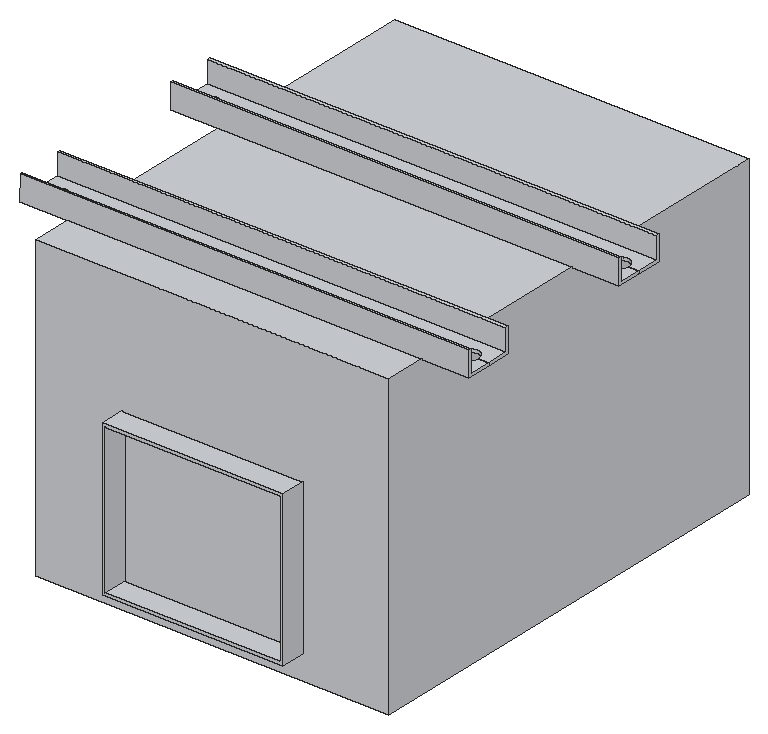
Revit family "DB", category Mechanical Equipment, Revit 2019
Family settings
  Round Connector Dimension = Use Diameter
  Part Type = Normal
  Work Plane-Based = No
  Always vertical = Yes
  Cut with Voids When Loaded = No
  Shared = No
  Room Calculation Point = No
Parameters (values of type "DB-8")
  ZERO = 0' - 0"  # constant formula
  Voltage [instance] = 0 V
  Unit Weight [instance] = ""
  URL = "www.lorencook.com"
  Type Comments = "Duct Blower Internal Belt Drive"  # constant formula
  T_SQ_HALF = T_SQ / 2  # 0' - 6"
  T_SQ = 1' - 0"
  Static Pressure [instance] = 0.00 in-wg
  Sones [instance] = ""
  Power [instance] = Voltage * Motor FLA * sqrt(if(Phase = 3, 3, 1))  # 0 VA
  Phase [instance] = 0
  Number of Poles [instance] = 1
  Motor RPM [instance] = ""
  Motor Hp [instance] = "0"
  Motor FLA [instance] = 0 A
  Motor Enclosure [instance] = ""
  ModelID [instance] = ""
  Model = "DB"  # constant formula
  Manufacturer = "Loren Cook Company"
  M/2 = M / 2  # 0' - 8 1/16"
  M = 1' - 4 1/8"
  LwA [instance] = ""
  L = 1' - 1 7/16"
  K/2 = K / 2  # 0' - 11 1/2"
  K = 1' - 11"
  H = 0' - 3 5/16"
  G = 0' - 9 5/8"
  Fan RPM [instance] = ""
  F/2 = F / 2  # 0' - 10 1/2"
  F = 1' - 9"
  E/2 = E / 2  # 0' - 4 5/8"
  E = 0' - 9 1/4"
  D = 0' - 7 7/8"
  C = 1' - 11"
  CFM [instance] = 0 CFM
  C/2 = C / 2  # 0' - 11 1/2"
  Brake Hp [instance] = ""
  B/2 = B / 2  # 0' - 7 23/32"
  B = 1' - 3 7/16"
  Accessories [instance] = ""
  A = 1' - 6 1/8"
  A/2 = A / 2  # 0' - 9 1/16"
  1.25 = 0' - 1 1/4"  # constant formula
  0 = 0' - 0"  # constant formula
  ONE EIGTH = 0' - 0 1/8"  # constant formula
  -K/2 = -(K / 2)  # -0' - 11 1/2"
  (B-L)/2 = (B - L) / 2  # 0' - 1"
Types (7): name | M/2 | M | L | K/2 | K | H | G | F/2 | F | E/2 | E | D | C | C/2 | B/2 | B | A | A/2 | -K/2
  (no name) | 0' - 8 1/16" | 1' - 4 1/8" | 1' - 1 7/16" | 0' - 11 1/2" | 1' - 11" | 0' - 3 5/16" | 0' - 9 5/8" | 0' - 10 1/2" | 1' - 9" | 0' - 4 5/8" | 0' - 9 1/4" | 0' - 7 7/8" | 1' - 11" | 0' - 11 1/2" | 0' - 7 23/32" | 1' - 3 7/16" | 1' - 6 1/8" | 0' - 9 1/16" | -0' - 11 1/2"
  DB-8 | 0' - 8 1/16" | 1' - 4 1/8" | 1' - 1 7/16" | 0' - 11 1/2" | 1' - 11" | 0' - 3 5/16" | 0' - 9 5/8" | 0' - 10 1/2" | 1' - 9" | 0' - 4 5/8" | 0' - 9 1/4" | 0' - 7 7/8" | 1' - 11" | 0' - 11 1/2" | 0' - 7 23/32" | 1' - 3 7/16" | 1' - 6 1/8" | 0' - 9 1/16" | -0' - 11 1/2"
  DB-9 | 0' - 9 9/16" | 1' - 7 1/8" | 1' - 4 1/8" | 1' - 1" | 2' - 2" | 0' - 3 11/16" | 0' - 11 3/4" | 1' - 0" | 2' - 0" | 0' - 5 15/16" | 0' - 11 7/8" | 0' - 10 5/16" | 2' - 1 3/4" | 1' - 0 7/8" | 0' - 9 1/16" | 1' - 6 1/8" | 1' - 9 1/8" | 0' - 10 9/16" | -1' - 1"
  DB-10 | 0' - 10 3/16" | 1' - 8 3/8" | 1' - 6 1/8" | 1' - 2" | 2' - 4" | 0' - 3 11/16" | 1' - 1 3/8" | 1' - 1" | 2' - 2" | 0' - 6 9/16" | 1' - 1 1/8" | 0' - 11 3/8" | 2' - 4 1/4" | 1' - 2 1/8" | 0' - 10 1/16" | 1' - 8 1/8" | 1' - 10 3/8" | 0' - 11 3/16" | -1' - 2"
  DB-13 | 1' - 0 9/16" | 2' - 1 1/8" | 1' - 9 3/16" | 1' - 4" | 2' - 8" | 0' - 3 11/16" | 1' - 4 1/8" | 1' - 3" | 2' - 6" | 0' - 7 13/16" | 1' - 3 5/8" | 1' - 1 7/16" | 2' - 7 1/4" | 1' - 3 5/8" | 0' - 11 19/32" | 1' - 11 3/16" | 2' - 3 1/8" | 1' - 1 9/16" | -1' - 4"
  DB-15 | 1' - 3 1/4" | 2' - 6 1/2" | 2' - 0 15/16" | 1' - 7" | 3' - 2" | 0' - 3 11/16" | 1' - 7 1/2" | 1' - 6" | 3' - 0" | 0' - 9 5/16" | 1' - 6 5/8" | 1' - 3 7/8" | 3' - 0 1/4" | 1' - 6 1/8" | 1' - 1 15/32" | 2' - 2 15/16" | 2' - 8 1/2" | 1' - 4 1/4" | -1' - 7"
  DB-18 | 1' - 7 1/2" | 3' - 3" | 2' - 5 7/8" | 1' - 11" | 3' - 10" | 0' - 3 7/8" | 2' - 0" | 1' - 10" | 3' - 8" | 0' - 10 15/16" | 1' - 9 7/8" | 1' - 6 7/8" | 3' - 8 3/4" | 1' - 10 3/8" | 1' - 3 15/16" | 2' - 7 7/8" | 3' - 5" | 1' - 8 1/2" | -1' - 11"
Reference planes (in)
  plane 1 "Center (Front/Back)": y = 0
  plane 2: z = 0
  plane 3 "Center (Left/Right)": x = 0.40541
Forms (in)
  Extrusion 1, solid
    sketch origin (0, 0, 0) x (1, 0, 0) y (0, 1, 0)
      loop
        line (9.46791, 11.5) -> (-8.65709, 11.5) -> (-8.65709, -11.5) -> (9.46791, -11.5) -> (9.46791, 11.5)
    from 15.4375 <- "B" to 0
  Extrusion 2, solid
    sketch origin (-8.65709, -11.5, 0) x (1, 0, 0) y (0, 0, 1)
      loop
        line (4.4375, 9.125) -> (4.4375, 1.25) -> (13.6875, 1.25) -> (13.6875, 9.125) -> (4.4375, 9.125)
    from 1.25 to 0
  Extrusion 3, void
    sketch origin (-8.65709, -11.5, 0) x (-1, 0, 0) y (0, 0, 1)
      loop
        line (-4.5625, 9) -> (-13.5625, 9) -> (-13.5625, 1.375) -> (-4.5625, 1.375) -> (-4.5625, 9)
    from -1.25 to 0
  Extrusion 4, solid
    sketch origin (9.46791, 11.5, 0) x (-1, 0, 0) y (0, 0, 1)
      loop
        line (1, 14.4375) -> (1, 1) -> (17.125, 1) -> (17.125, 14.4375) -> (1, 14.4375)
    from 1.25 to 0
  Extrusion 5, void
    sketch origin (9.46791, 11.5, 0) x (1, 0, 0) y (0, 0, 1)
      loop
        line (-1.125, 14.3125) -> (-17, 14.3125) -> (-17, 1.125) -> (-1.125, 1.125) -> (-1.125, 14.3125)
    from -1.25 to 0
  Extrusion 6, solid
    sketch origin (0.40541, 0, 0) x (0, 1, 0) y (0, 0, 1)
      loop
        line (-9.4375, 16.6875) -> (-9.4375, 15.4375) -> (-8.1875, 15.4375) -> (-8.1875, 15.5625) -> (-9.3125, 15.5625) -> (-9.3125, 16.6875) -> (-9.4375, 16.6875)
    from -11.5 <- "-K/2" to 11.5 <- "K/2"
  Extrusion 7, solid
    sketch origin (0.40541, 0, 0) x (0, 1, 0) y (0, 0, 1)
      loop
        line (-8.1875, 15.5625) -> (-8.1875, 15.4375) -> (-6.9375, 15.4375) -> (-6.9375, 16.6875) -> (-7.0625, 16.6875) -> (-7.0625, 15.5625) -> (-8.1875, 15.5625)
    from 11.5 <- "K/2" to -11.5 <- "-K/2"
  Extrusion 8, solid
    sketch origin (0.40541, 0, 0) x (0, 1, 0) y (0, 0, 1)
      loop
        line (0.1875, 15.4375) -> (1.4375, 15.4375) -> (1.4375, 15.5625) -> (0.3125, 15.5625) -> (0.3125, 16.6875) -> (0.1875, 16.6875) -> (0.1875, 15.4375)
    from 11.5 <- "K/2" to -11.5 <- "-K/2"
  Extrusion 9, solid
    sketch origin (0.40541, 0, 0) x (0, 1, 0) y (0, 0, 1)
      loop
        line (1.4375, 15.5625) -> (1.4375, 15.4375) -> (2.6875, 15.4375) -> (2.6875, 16.6875) -> (2.5625, 16.6875) -> (2.5625, 15.5625) -> (1.4375, 15.5625)
    from 11.5 <- "K/2" to -11.5 <- "-K/2"
  Extrusion 10, void
    sketch origin (0.40541, -7.0625, 15.5625) x (1, 0, 0) y (0, -1, 0)
      loop
        circle (-10.5, -8.5) r 0.5
      loop
        circle (-10.5, 1.125) r 0.5
      loop
        circle (10.5, 1.125) r 0.5
      loop
        circle (10.5, -8.5) r 0.5
    from 11.5 to -11.5
  Extrusion 11, void
    sketch origin (-8.65709, 11.5, 0) x (0, 1, 0) y (0, 0, 1)
      loop
        circle (-1.25, 7.71875) r 0.75
    from 0 to 0.125
Cuts and joins
  Extrusion 3, Extrusion 5, Extrusion 10, Extrusion 11 cuts Extrusion 1
  Extrusion 3 cuts Extrusion 2
  Extrusion 5 cuts Extrusion 4
  Extrusion 10 cuts Extrusion 6
  Extrusion 10 cuts Extrusion 7
  Extrusion 10 cuts Extrusion 8
  Extrusion 10 cuts Extrusion 9
Dimensions and locks (in)
  "C": Extrusion 1 sketch curve to Extrusion 1 sketch curve
  "A": Extrusion 1 sketch curve to Extrusion 1 sketch curve
  "A/2": plane 3 "Center (Left/Right)" to Extrusion 1 sketch curve
  "C/2": Extrusion 1 sketch curve to plane 1 "Center (Front/Back)"
  "1.25": Extrusion 2 sketch curve to Extrusion 1
  "D": Extrusion 2 sketch curve to Extrusion 2 sketch curve
  "E": Extrusion 2 sketch curve to Extrusion 2 sketch curve
  "E/2": plane 3 "Center (Left/Right)" to Extrusion 2 sketch curve
  "ONE EIGTH": Extrusion 2 to Extrusion 3 sketch curve  (x2)
  "ONE EIGTH": Extrusion 3 sketch curve to Extrusion 2  (x2)
  "M": Extrusion 4 sketch curve to Extrusion 4 sketch curve
  "M/2": plane 3 "Center (Left/Right)" to Extrusion 4 sketch curve
  "L": Extrusion 4 sketch curve to Extrusion 4 sketch curve
  "(B-L)/2": cut or joined group of Extrusion 1, Extrusion 3, Extrusion 5, Extrusion 10, Extrusion 11 to Extrusion 4 sketch curve
  "ONE EIGTH": Extrusion 5 sketch curve to Extrusion 4  (x3)
  "ONE EIGTH": Extrusion 4 to Extrusion 5 sketch curve
  "H": Extrusion 6 sketch curve to cut or joined group of Extrusion 1, Extrusion 3, Extrusion 5, Extrusion 10, Extrusion 11
  "1.25": Extrusion 6 sketch curve to Extrusion 6 sketch curve
  "1.25": Extrusion 6 sketch curve to cut or joined group of Extrusion 1, Extrusion 3, Extrusion 5, Extrusion 10, Extrusion 11
  "0": Extrusion 6 sketch curve to cut or joined group of Extrusion 1, Extrusion 3, Extrusion 5, Extrusion 10, Extrusion 11
  "ONE EIGTH": cut or joined group of Extrusion 1, Extrusion 3, Extrusion 5, Extrusion 10, Extrusion 11 to Extrusion 6 sketch curve
  "ONE EIGTH": Extrusion 6 sketch curve to Extrusion 6 sketch curve
  "0": Extrusion 7 sketch curve to Extrusion 6  (x2)
  "0": Extrusion 7 sketch curve to cut or joined group of Extrusion 1, Extrusion 3, Extrusion 5, Extrusion 10, Extrusion 11
  "1.25": Extrusion 7 sketch curve to Extrusion 7 sketch curve
  "ONE EIGTH": Extrusion 7 sketch curve to Extrusion 7 sketch curve
  "G": Extrusion 8 sketch curve to Extrusion 7
  "0": Extrusion 8 sketch curve to Extrusion 7
  "0": Extrusion 8 sketch curve to cut or joined group of Extrusion 1, Extrusion 3, Extrusion 5, Extrusion 10, Extrusion 11
  "1.25": Extrusion 8 sketch curve to Extrusion 8 sketch curve
  "ONE EIGTH": Extrusion 8 sketch curve to Extrusion 8 sketch curve
  "0": Extrusion 7 to Extrusion 8 sketch curve
  "ONE EIGTH": Extrusion 9 sketch curve to Extrusion 9 sketch curve
  "0": Extrusion 9 sketch curve to Extrusion 8
  "0": Extrusion 9 sketch curve to cut or joined group of Extrusion 1, Extrusion 3, Extrusion 5, Extrusion 10, Extrusion 11
  "1.25": Extrusion 9 sketch curve to Extrusion 9 sketch curve
  "F/2": Extrusion 10 sketch curve to plane 3 "Center (Left/Right)"  (x2)
  "F/2": plane 3 "Center (Left/Right)" to Extrusion 10 sketch curve  (x2)
  "0": Extrusion 7 sketch curve to cut or joined group of Extrusion 6, Extrusion 10
  "0": cut or joined group of Extrusion 8, Extrusion 10 to Extrusion 9 sketch curve
  "0": Extrusion 10 sketch curve to cut or joined group of Extrusion 9, Extrusion 10  (x2)
  "1.25": cut or joined group of Extrusion 1, Extrusion 3, Extrusion 5, Extrusion 10, Extrusion 11 to Extrusion 11 sketch curve
  "B/2": Extrusion 11 sketch curve to level
Automatic sketch dimensions
  Extrusion 9 sketch curve to Extrusion 9 sketch curve = 0' - 0 1/8"
  Extrusion 10 sketch curve to Extrusion 7 = 0' - 0"  (x2)
  radius of Extrusion 10 sketch curve = 0' - 0 1/2"  (x4)
  radius of Extrusion 11 sketch curve = 0' - 0 3/4"
Connectors (in)
  hvac at (0.40541, -12.75, 5.1875), driven by "D", driven by "E"
    settings: on cut or joined group of Extrusion 2, Extrusion 3, index 1, duct flow 0 CFM, flow factor 0, pres drop 0.00 in-wg, loss coef 0, conn angle 0.00°, conn width 9 1/4", conn height 7 7/8", conn diameter 24", duct sys type 29, conn prof type 1, flow config 0, flow direction 2, loss method 0, conn ref index -1, conn util no, is conn primary yes, conn desc ""
  hvac at (0.40541, 12.75, 7.71875), driven by "M", driven by "L"
    settings: on cut or joined group of Extrusion 4, Extrusion 5, index 2, duct flow 0 CFM, flow factor 0, pres drop 0.00 in-wg, loss coef 0, conn angle 0.00°, conn width 16 1/8", conn height 13 7/16", conn diameter 24", duct sys type 29, conn prof type 1, flow config 0, flow direction 1, loss method 0, conn ref index -1, conn util no, is conn primary no, conn desc ""
  electrical at (-8.65709, 10.25, 7.71875)
    settings: on cut or joined group of Extrusion 1, Extrusion 3, Extrusion 5, Extrusion 10, Extrusion 11, index 3, voltage 0 V, apparent load 0 VA, apparent load phase1 0 VA, apparent load phase2 0 VA, apparent load phase3 0 VA, power factor 1, load classification "Other", number of poles 1, system type 30, power factor state 1, is connector primary yes, connector utility no, sub classification motor no, connector description ""
